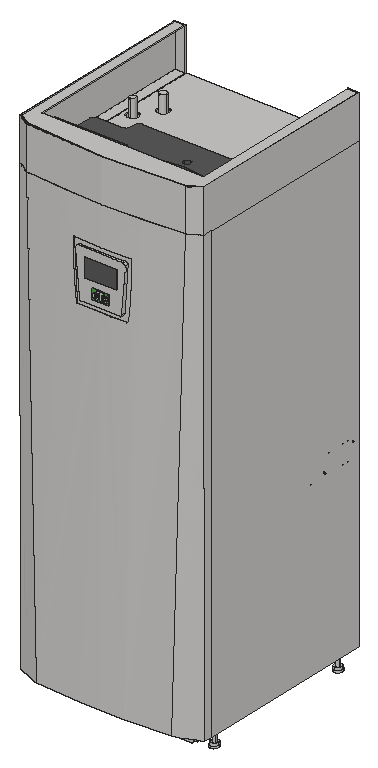
Revit family "HVAC_Heaters_Enertech_CTC-EcoZenith-i255L", category Specialty Equipment, Revit 2017
Family settings
  Round Connector Dimension = Use Diameter
  Part Type = Normal
  OmniClass Number = 23.75.00.00
  OmniClass Title = Climate Control (HVAC)
  Work Plane-Based = No
  Always vertical = Yes
  Cut with Voids When Loaded = No
  Shared = No
  Room Calculation Point = No
Parameters (values of type "CTC EcoZenith i255 L - 400V3N")
  Weight = "168 kg"
  WaterVolumeWaterSuply = "5.7 liters"
  WaterVolumeHeathingSystem = "223 liters"
  WarrantyStartDate [instance] = "n/a"
  WarrantyGuarantorParts = "n/a"
  WarrantyGuarantorLabor = "n/a"
  WarrantyDurationUnit = "Year"
  WarrantyDurationParts = "n/a"
  WarrantyDurationLabor = "n/a"
  WarrantyDescription = "n/a"
  VersionDate = "10/11/2020"  # constant formula
  Version = "1"  # constant formula
  UsageCurrent = 0 A
  Uniclass2015Reference = "Pr_40_70_65"
  Uniclass2015Description = "Preparation catering equipment"
  Uniclass2 = "Pr_40_70_65"
  URL = "https://ctc-heating.com/products/indoor-modules"
  UNSPSCCode = "40102003"
  Type Comments = ""
  Touchscreen = "yes"
  TagNumber [instance] = "n/a"
  SustainabilityPerformance = "n/a"
  Status = "n/a"
  SpecifiedOutput = "N/A"
  SoundPowerLWA = "N/A"
  Sound pressureLPA 5m = "N/A"
  Sound pressureLPA 1m = "N/A"
  Sound pressureLPA 10m = "N/A"
  Size = "673x596x1652 mm"
  Shape = "Rectangular"
  SerialNumber [instance] = "7208 xxxx xxxx"
  SEERWarm = "N/A"
  SEERModerate = "N/A"
  SEERCold = "N/A"
  SCOPWarm = "N/A"
  SCOPModerate = "N/A"
  SCOPCold = "N/A"
  Revision = "4"  # constant formula
  ReplacementCost = "n/a"
  RefrigerantType = "N/A"
  RefrigerantQuantity = "N/A"
  ReferenceAirFlowRate = "N/A"
  Reference = "n/a"
  RatedVoltage = 1200 V
  RatedHeatOutputModerate = "15 kW"
  PumpMainMaterial = Stainless Steel
  ProductInformation = "Quiet and efficient indoor module available in two heights with built-in heat pump control and hot water preparation. The CTC EcoZenith i255  has internet connection as standard, so you can easily control your product remotely. It is also prepared for connection to Alexa and Google Home, etc."
  PowerFactor = 0 W
  PhaseReference = "n/a"
  PhaseAngle = 0.00°
  OutputRangeIimmersionHeater = "0.3 - 15/ 18 \n(0.3 - 9.0 + 0.3 - 6.0/ 0.9)"
  OutputRange = "N/A"
  NominalWidth = 596 mm
  NominalVoltage = 400 V
  NominalHeight = 1652 mm
  ModelType = EcoZenithI250-low : EcoZenith_low
  NominalFrequencyRange = 50 Hz
  NominalDepth = 673 mm
  NominalCurrent = 0 A
  Name = "CTC-EcoZenith-i255"  # constant formula
  NBSReference = "90-40-40/320"
  NBSDescription = "Air to water heat pumps"
  ModelReference = "n/a"
  ModelNumber = "589500001"
  MinimumCeilingHeight = "1659 mm"
  MaxStartingCurrent = "N/A"
  MaxOperatingPressureThermalStore = "3 bar"
  MaxOperatingPressureHotWater = "10 bar"
  MaxAirFlowRate = "N/A"
  Material = "Steel/copper"
  ManufacturerURL = "https://ctc.se/"
  ManufacturerName = "Enertech AB"
  Model = "CTC EcoZenith i255 Low"
  ManufacturerCountry = "Sweden"
  Manufacturer = "Enertech AB"
  InsulationStandardClass = "n/a"
  InstallationDate [instance] = "n/a"
  InPutPower = "N/A"
  IfcExportType = "HEATER"  # constant formula
  IfcExportAs = "IfcElectricalDeviceCommon"  # constant formula
  IP_Code = "IP X1"
  HotTapWaterPerformance = "173 liters"
  HasProtectiveEarth = yes
  GroupFuse = "15 kW : 25 A\n18 kW: 32 A"
  Grade = "n/a"
  Finish = "n/a"
  Features = "n/a"
  ExpectedLife = "n/a"
  EnergyClass_HotWater_TapProfile = "B / L"
  EnergyClassHeatingWithoutControl = "n/a"
  EnergyClassHeatingWithControl = "A++ / A++ (with heatpump)"
  ElectricalDeviceNominalPower = 15000 W
  EANNumber = "7333077094416"
  DurationUnit = "Year"
  Description = "Quiet and efficient indoor module available in two heights with built-in heat pump control and hot water preparation. The CTC EcoZenith i255  has internet connection as standard, so you can easily control your product remotely. It is also prepared for connection to Alexa and Google Home, etc."
  Cost = 0
  ConvergoRefNr = "0091-1710-0012-SE"
  Constituents = "n/a"
  ConnectorDistance3 = 5 mm
  ConnectorDistance2 = 139.325 mm
  ConnectorDistance1 = 85.5 mm
  ConductorFunction = "n/a"
  Color = "white"
  CodePerformance = "n/a"
  Capacity = "N/A"
  COP = "N/A"
  CO2Equivalent = "N/A"
  BrineSystem_Min_MaxPressure = "N/A"
  Barcode [instance] = "n/a"
  AssetIdentifier [instance] = "n/a"
  Category = "Indoor Module"
  Brand = "CTC"
  BIMObjectName = "HVAC_Heaters_Enertech_CTC-EcoZenith-i255"  # constant formula
  Author = "Convergo AB"  # constant formula
  AssetType = "Fixed"
  Artikel nr. = ""
  AirFlow = "N/A"
  Accessories = ""
  AccessibilityPerformance = "n/a"
Types (3, lengths in mm): name | Weight | RatedVoltage | RatedHeatOutputModerate | OutputRangeIimmersionHeater | NominalVoltage | ModelNumber | GroupFuse | EnergyClass_HotWater_TapProfile | ElectricalDeviceNominalPower | EANNumber
  CTC EcoZenith i255 L - 400V3N | "168 kg" | 1200 V | "15 kW" | "0.3 - 15/ 18 \n(0.3 - 9.0 + 0.3 - 6.0/ 0.9)" | 400 V | "589500001" | "15 kW : 25 A\n18 kW: 32 A" | "B / L" | 15000 W | "7333077094416"
  CTC EcoZenith i255 L - 230V1N | "167 kg" | 230 V | "9 kW" | "3.0 - 12.0" | 230 V | "589500002" | "12 kW: 63 A" | "B / L" | 12000 W | "7333077094430"
  CTC EcoZenith i255 L - 230V3N | "167 kg" | 690 V | "9 kW" | "2 x  2.4 - 7.0" | 230 V | "589500003" | "14 kW : 50 A" | "B / L " | 7000 W | "733307709447"
Reference planes
  plane 1 "Center (Front/Back)": y = 0
  plane 2: z = 0
  plane 3 "Center (Left/Right)": x = 0
  plane 4: x = -298
  plane 5: x = 298
  plane 6: y = 336.5
  plane 7: y = -336.5
  plane 8: z = 1652
  plane 9: z = 1566.5
  plane 10: z = 1512.675
  plane 11: z = 1507.675
Forms (mm)
  Extrusion 1, solid, material "Stainless Steel" <- "PumpMainMaterial", detail levels coarse
    sketch origin (0, 0, 0) x (1, 0, 0) y (0, 1, 0)
      loop
        line (-298, -336.5) -> (298, -336.5) -> (298, 336.5) -> (-298, 336.5) -> (-298, -336.5)
    from 0 to 1652
  Extrusion 2, solid, material "Stainless Steel" <- "PumpMainMaterial", detail levels medium+fine
    sketch origin (0, 0, 0) x (1, 0, 0) y (0, 1, 0)
      loop
        circle (-230.055, 81.642) r 9.5
      loop
        circle (-183.551, 146.802) r 11.103
      loop
        circle (177.816, -84.382) r 11.103
      loop
        circle (206.376, 305.916) r 11
      loop
        circle (231.376, 275.916) r 11
    from 1507.675 to 1566.5
  Extrusion 3, solid, material "Black", detail levels medium+fine
    sketch origin (-4.779, -14.117, -287.936) x (1, 0, 0) y (0, 0, 1)
      loop
        circle (-241.619, 1886.1) r 11
    from 177.988 to 174.9
  Extrusion 4, solid, material "Black", detail levels medium+fine
    sketch origin (0, 0, 0) x (1, 0, 0) y (0, 1, 0)
      loop
        circle (78.26, -84.106) r 11
      loop
        circle (78.26, -84.106) r 10.5
    from 1507.675 to 1512.675
  Extrusion 5, solid, material "Stainless Steel" <- "PumpMainMaterial", detail levels medium+fine
    sketch origin (0, 0, 0) x (1, 0, 0) y (0, 1, 0)
      loop
        circle (1.087, 40.827) r 9.5
      loop
        circle (-230.439, -4.024) r 11
      loop
        circle (-175.439, -4.024) r 11
      loop
        circle (1.087, 40.827) r 10
      loop
        circle (-175.439, -4.024) r 11.5
      loop
        circle (-230.439, -4.024) r 11.5
    from 1507.675 to 1512.675
Dimensions and locks
  equal spacing: plane 4, plane 3 "Center (Left/Right)", plane 5
  "NominalWidth": plane 4 to plane 5
  equal spacing: plane 6, plane 1 "Center (Front/Back)", plane 7
  "NominalDepth": plane 6 to plane 7
  "NominalHeight": plane 8 to level
  "ConnectorDistance1": plane 9 to plane 8
  "ConnectorDistance2": plane 8 to plane 10
  "ConnectorDistance3": plane 10 to plane 11
  aligned and locked: level to plane 2
  aligned and locked: Extrusion 1 to plane 8
  aligned and locked: plane 9 to Extrusion 2
  aligned and locked: plane 10 to Extrusion 4
  aligned and locked: plane 10 to Extrusion 5
  aligned and locked: Extrusion 2 to plane 11
  aligned and locked: Extrusion 2 to Extrusion 4
  aligned and locked: Extrusion 2 to Extrusion 5
Automatic sketch dimensions
  Extrusion 1 sketch curve to plane 4 = 0 mm
  Extrusion 1 sketch curve to plane 5 = 0 mm
  Extrusion 1 sketch curve to plane 7 = 0 mm
  plane 6 to Extrusion 1 sketch curve = 0 mm
  plane 4 to Extrusion 2 sketch curve = 67.945 mm
  Extrusion 2 sketch curve to Extrusion 2 sketch curve = 46.504 mm
  Extrusion 2 sketch curve to plane 5 = 120.184 mm
  Extrusion 2 sketch curve to plane 1 "Center (Front/Back)" = 81.642 mm
  Extrusion 2 sketch curve to Extrusion 2 sketch curve = 65.16 mm
  plane 1 "Center (Front/Back)" to Extrusion 2 sketch curve = 84.382 mm
  Extrusion 2 sketch curve to Extrusion 2 sketch curve = 11.103 mm  (x2)
  Extrusion 2 sketch curve to Extrusion 2 sketch curve = 9.5 mm
  Extrusion 2 sketch curve to plane 6 = 30.584 mm
  Extrusion 2 sketch curve to plane 5 = 91.624 mm
  Extrusion 2 sketch curve to Extrusion 2 sketch curve = 11 mm  (x2)
  Extrusion 2 sketch curve to Extrusion 2 sketch curve = 0 mm  (x2)
  Extrusion 2 sketch curve to Extrusion 2 sketch curve = 14 mm
  Extrusion 2 sketch curve to Extrusion 2 sketch curve = 30 mm
  plane 4 to Extrusion 3 sketch curve = 51.601 mm
  plane 8 to Extrusion 3 sketch curve = 53.836 mm
  Extrusion 4 sketch curve to Extrusion 4 sketch curve = 0 mm  (x2)
  plane 3 "Center (Left/Right)" to Extrusion 4 sketch curve = 78.26 mm
  plane 1 "Center (Front/Back)" to Extrusion 4 sketch curve = 84.106 mm
  Extrusion 4 sketch curve to Extrusion 4 sketch curve = 10.5 mm
  Extrusion 4 sketch curve to Extrusion 4 sketch curve = 0.5 mm
  Extrusion 5 sketch curve to plane 3 "Center (Left/Right)" = 8.413 mm
  Extrusion 5 sketch curve to Extrusion 5 sketch curve = 0.5 mm  (x3)
  Extrusion 5 sketch curve to Extrusion 5 sketch curve = 0 mm  (x6)
  plane 3 "Center (Left/Right)" to Extrusion 5 sketch curve = 1.087 mm
  Extrusion 5 sketch curve to plane 1 "Center (Front/Back)" = 40.827 mm
  plane 1 "Center (Front/Back)" to Extrusion 5 sketch curve = 4.024 mm  (x2)
  plane 4 to Extrusion 5 sketch curve = 122.561 mm
  Extrusion 5 sketch curve to Extrusion 5 sketch curve = 55 mm
  Extrusion 5 sketch curve to Extrusion 5 sketch curve = 11.5 mm
  Extrusion 5 sketch curve to Extrusion 5 sketch curve = 11 mm
  radius of Extrusion 3 sketch curve = 11 mm
Nested families
  nested 1: "EcoZenithI250-low" at (0, 4, 0), type <- "ModelType", type "EcoZenith_low"
Connectors
  piping at (-230.055, 81.642, 1566.5), diameter 19
    settings: on Extrusion 2, index 1, connector inside diameter 609.6 mm, connector length 0 mm, flow factor 0, pipe flow 0.0 L/s, pressure drop 0.0 Pa, fitting loss kfactor 0, connector angle 0.00°, fixture units 0, engagement length 0 mm, angle of deflection 0.00°, flow configuration 0, flow direction 2, fitting loss method 0, system type 16, joint type 0, gender type 0, connector reference index -1, connector utility 0, adjustable connector no, is connector primary yes, connector description ""
  piping at (-183.551, 146.802, 1566.5), diameter 22
    settings: on Extrusion 2, index 2, connector inside diameter 609.6 mm, connector length 0 mm, flow factor 0, pipe flow 0.0 L/s, pressure drop 0.0 Pa, fitting loss kfactor 0, connector angle 0.00°, fixture units 0, engagement length 0 mm, angle of deflection 0.00°, flow configuration 0, flow direction 0, fitting loss method 0, system type 22, joint type 0, gender type 0, connector reference index -1, connector utility 0, adjustable connector no, is connector primary no, connector description ""
  piping at (177.816, -84.382, 1566.5), diameter 22
    settings: on Extrusion 2, index 3, connector inside diameter 609.6 mm, connector length 0 mm, flow factor 0, pipe flow 0.0 L/s, pressure drop 0.0 Pa, fitting loss kfactor 0, connector angle 0.00°, fixture units 0, engagement length 0 mm, angle of deflection 0.00°, flow configuration 0, flow direction 2, fitting loss method 0, system type 22, joint type 0, gender type 0, connector reference index -1, connector utility 0, adjustable connector no, is connector primary no, connector description ""
  piping at (206.376, 305.916, 1566.5), diameter 22
    settings: on Extrusion 2, index 8, connector inside diameter 609.6 mm, connector length 0 mm, flow factor 0, pipe flow 0.0 L/s, pressure drop 0.0 Pa, fitting loss kfactor 0, connector angle 0.00°, fixture units 0, engagement length 0 mm, angle of deflection 0.00°, flow configuration 0, flow direction 1, fitting loss method 0, system type 20, joint type 0, gender type 0, connector reference index -1, connector utility 0, adjustable connector no, is connector primary no, connector description ""
  piping at (231.376, 275.916, 1566.5), diameter 22
    settings: on Extrusion 2, index 9, connector inside diameter 609.6 mm, connector length 0 mm, flow factor 0, pipe flow 0.0 L/s, pressure drop 0.0 Pa, fitting loss kfactor 0, connector angle 0.00°, fixture units 0, engagement length 0 mm, angle of deflection 0.00°, flow configuration 0, flow direction 2, fitting loss method 0, system type 19, joint type 0, gender type 0, connector reference index -1, connector utility 0, adjustable connector no, is connector primary no, connector description ""
  electrical at (-246.399, -189.017, 1598.164)
    settings: on Extrusion 3, index 10, voltage 0 V, apparent load 0 VA, apparent load phase1 0 VA, apparent load phase2 0 VA, apparent load phase3 0 VA, power factor 1, load classification "Other", number of poles 3, system type 31, power factor state 1, is connector primary yes, connector utility no, sub classification motor no, connector description ""
  piping at (-230.439, -4.024, 1512.675), diameter 22
    settings: on Extrusion 5, index 11, connector inside diameter 609.6 mm, connector length 0 mm, flow factor 0, pipe flow 0.0 L/s, pressure drop 0.0 Pa, fitting loss kfactor 0, connector angle 0.00°, fixture units 0, engagement length 0 mm, angle of deflection 0.00°, flow configuration 0, flow direction 2, fitting loss method 0, system type 19, joint type 0, gender type 0, connector reference index -1, connector utility 0, adjustable connector no, is connector primary no, connector description ""
  piping at (-175.439, -4.024, 1512.675), diameter 22
    settings: on Extrusion 5, index 12, connector inside diameter 609.6 mm, connector length 0 mm, flow factor 0, pipe flow 0.0 L/s, pressure drop 0.0 Pa, fitting loss kfactor 0, connector angle 0.00°, fixture units 0, engagement length 0 mm, angle of deflection 0.00°, flow configuration 0, flow direction 1, fitting loss method 0, system type 20, joint type 0, gender type 0, connector reference index -1, connector utility 0, adjustable connector no, is connector primary no, connector description ""
  piping at (1.087, 40.827, 1512.675), diameter 19
    settings: on Extrusion 5, index 13, connector inside diameter 609.6 mm, connector length 0 mm, flow factor 0, pipe flow 0.0 L/s, pressure drop 0.0 Pa, fitting loss kfactor 0, connector angle 0.00°, fixture units 0, engagement length 0 mm, angle of deflection 0.00°, flow configuration 0, flow direction 0, fitting loss method 0, system type 22, joint type 0, gender type 0, connector reference index -1, connector utility 0, adjustable connector no, is connector primary no, connector description ""
  piping at (78.26, -84.106, 1512.675), diameter 22
    settings: on Extrusion 4, index 14, connector inside diameter 609.6 mm, connector length 0 mm, flow factor 0, pipe flow 0.0 L/s, pressure drop 0.0 Pa, fitting loss kfactor 0, connector angle 0.00°, fixture units 0, engagement length 0 mm, angle of deflection 0.00°, flow configuration 0, flow direction 0, fitting loss method 0, system type 22, joint type 0, gender type 0, connector reference index -1, connector utility 0, adjustable connector no, is connector primary no, connector description ""
Definition of nested family "EcoZenithI250-low"
  Parameters (values of type "EcoZenith_low")
    URL = ""
    Type Comments = ""
    PumpMainMaterial = none
    Model = ""
    Manufacturer = ""
    EANNumber = ""
    Description = ""
    Cost = 0
    Artikel nr. = ""
    Accessories = ""
  Reference planes
    plane 1 "Center (Front/Back)": y = 0
    plane 2: z = 0
    plane 3 "Center (Left/Right)": x = 0
  Forms (mm)
    Extrusion 1, solid, material <- "PumpMainMaterial", detail levels medium+fine
      sketch origin (0, 0, 0) x (1, 0, 0) y (0, 1, 0)
        loop
          line (-263, -250.514) -> (263, -250.514) -> (263, 332) -> (-263, 332) -> (-263, -250.514)
        loop
          line (261, 330) -> (-261, 330) -> (-261, -248.514) -> (261, -248.514) -> (261, 330)
      from 1514.675 to 47.518
    Extrusion 2, solid, material <- "PumpMainMaterial", detail levels medium+fine
      sketch origin (0, 0, 0) x (1, 0, 0) y (0, 1, 0)
        loop
          line (-263, 332) -> (-263, -250.514) -> (263, -250.514) -> (263, 332) -> (-263, 332)
        loop
          circle (1.087, 36.827) r 10
        loop
          circle (-229.555, 77.29) r 19
        loop
          circle (-183.051, 142.802) r 19
        loop
          circle (-229.939, -8.024) r 11.5
        loop
          circle (-174.939, -8.024) r 11.5
        loop
          circle (205.876, 301.416) r 11
        loop
          circle (230.876, 271.416) r 11
      from 1514.675 to 1513
    Extrusion 3, solid, material <- "PumpMainMaterial", detail levels medium+fine
      sketch origin (0, 0, 0) x (1, 0, 0) y (0, 1, 0)
        loop
          line (-298, -267.3) -> (-263, -267.3) -> (-263, 332) -> (-298, 332) -> (-298, -267.3)
        loop
          line (-265, 330) -> (-296, 330) -> (-296, -265.3) -> (-265, -265.3) -> (-265, 330)
        loop
          line (298, -267.3) -> (298, 332) -> (263, 332) -> (263, -267.3) -> (298, -267.3)
        loop
          line (265, 330) -> (265, -265.3) -> (296, -265.3) -> (296, 330) -> (265, 330)
      from 47.518 to 1513
    Extrusion 4, solid, material <- "PumpMainMaterial", detail levels medium+fine
      sketch origin (0, 0, 0) x (1, 0, 0) y (0, 1, 0)
        loop
          line (-298, -267.3) -> (-263, -267.3) -> (-263, 332) -> (-298, 332) -> (-298, -267.3)
        loop
          line (298, -267.3) -> (298, 332) -> (263, 332) -> (263, -267.3) -> (298, -267.3)
      from 1513 to 1514.675
    Extrusion 5, void
      sketch origin (0, 0, 0) x (1, 0, 0) y (0, 0, 1)
        loop
          line (263, 404) -> (-263, 404) -> (-263, 47.518) -> (263, 47.518) -> (263, 404)
      from -315.542 to -367.702
    Blend 6, solid, material <- "PumpMainMaterial", detail levels medium+fine
      base sketch origin (0, 0, 0) x (1, 0, 0) y (0, 1, 0)
        loop
          line (0, -250.514) -> (-263, -250.514) -> (-263, -267.3) -> (-298, -267.3) -> (-298, -291.418) -> (-218.584, -323.902)
          arc (-218.584, -323.902) -> (0, -333.258) -> (218.584, -323.902) r 2558.149
          line (218.584, -323.902) -> (298, -291.418) -> (298, -267.3) -> (263, -267.3) -> (263, -250.514) -> (0, -250.514)
      top sketch origin (0, 0, 0) x (1, 0, 0) y (0, 1, 0)
        loop
          line (-263, -250.514) -> (-263, -267.3) -> (-298, -267.3) -> (-298, -293.919) -> (-257.919, -316.318)
          arc (-257.919, -316.318) -> (0, -333.258) -> (257.919, -316.318) r 1971.933
          line (257.919, -316.318) -> (298, -293.919) -> (298, -267.3) -> (263, -267.3) -> (263, -250.514) -> (0, -250.514) -> (-263, -250.514)
      from 47.518 to 1514.675
    Extrusion 7, void
      sketch origin (0, 0, -247) x (1, 0, 0) y (0, 0, 1)
        loop
          line (93, 1638.587) -> (-93, 1638.587)
          arc (-93, 1638.587) -> (-91.512, 1543.484) -> (-83.299, 1448.723) r 1343.594
          line (-83.299, 1448.723) -> (83.299, 1448.723)
          arc (83.299, 1448.723) -> (91.512, 1543.484) -> (93, 1638.587) r 1343.594
      from 344.861 to 330.394
    Extrusion 8, solid, material <- "PumpMainMaterial", detail levels medium+fine
      sketch origin (0, 0, -247) x (1, 0, 0) y (0, 0, 1)
        loop
          arc (-71.512, 1623.318) -> (-77.15, 1620.993) -> (-79.512, 1615.37) r 8
          arc (-79.512, 1615.37) -> (-77.259, 1542.94) -> (-69.564, 1470.884) r 962.676
          arc (-69.564, 1470.884) -> (-66.882, 1465.983) -> (-61.647, 1464.032) r 8
          line (-61.647, 1464.032) -> (61.647, 1464.032)
          arc (61.647, 1464.032) -> (66.882, 1465.983) -> (69.564, 1470.884) r 8
          arc (69.564, 1470.884) -> (77.259, 1542.94) -> (79.512, 1615.37) r 962.676
          arc (79.512, 1615.37) -> (77.15, 1620.993) -> (71.512, 1623.318) r 8
          line (71.512, 1623.318) -> (-71.512, 1623.318)
      from 339 to 330.394
    Extrusion 9, solid, detail levels medium+fine
      sketch origin (0, 0, -418.843) x (1, 0, 0) y (0, 0, 1)
        loop
          arc (-25.5, 1686.518) -> (-26.914, 1685.932) -> (-27.5, 1684.518) r 2
          line (-27.5, 1684.518) -> (-27.5, 1655.518)
          arc (-27.5, 1655.518) -> (-26.914, 1654.103) -> (-25.5, 1653.518) r 2
          line (-25.5, 1653.518) -> (25.5, 1653.518)
          arc (25.5, 1653.518) -> (26.914, 1654.103) -> (27.5, 1655.518) r 2
          line (27.5, 1655.518) -> (27.5, 1684.518)
          arc (27.5, 1684.518) -> (26.914, 1685.932) -> (25.5, 1686.518) r 2
          line (25.5, 1686.518) -> (-25.5, 1686.518)
      from 339.5 to 339
    Extrusion 10, solid, material <- "PumpMainMaterial", detail levels medium+fine
      sketch origin (0, 0, -451.843) x (1, 0, 0) y (0, 0, 1)
        loop
          line (3.815, 1710.351) -> (11.698, 1710.357) -> (11.698, 1715.677) -> (-11.698, 1715.677) -> (-11.698, 1710.336) -> (-3.818, 1710.344) -> (-3.81, 1690.398) -> (3.815, 1690.398) -> (3.815, 1710.351)
        loop
          spline (24.54, 1702.497) -> (22.341, 1706.572) -> (18.495, 1709.152) -> (13.888, 1709.644) -> (9.584, 1707.934) -> (6.572, 1704.417) -> (5.548, 1699.902) -> (6.747, 1695.43) -> (9.893, 1692.032) -> (14.261, 1690.49) -> (18.844, 1691.161) -> (22.587, 1693.888) -> (24.627, 1698.045)
          line (24.627, 1698.045) -> (18.433, 1698.045)
          spline (18.433, 1698.045) -> (17.635, 1695.915) -> (16.341, 1694.569) -> (14.815, 1694.279) -> (13.364, 1695.105) -> (12.285, 1696.88) -> (11.795, 1699.242) -> (11.994, 1701.714) -> (12.842, 1703.793) -> (14.166, 1705.058) -> (15.698, 1705.253) -> (17.128, 1704.337) -> (18.165, 1702.497)
          line (18.165, 1702.497) -> (24.54, 1702.497)
        loop
          spline (-5.46, 1702.497) -> (-7.659, 1706.572) -> (-11.505, 1709.152) -> (-16.112, 1709.644) -> (-20.416, 1707.934) -> (-23.428, 1704.417) -> (-24.452, 1699.902) -> (-23.253, 1695.43) -> (-20.107, 1692.032) -> (-15.739, 1690.49) -> (-11.156, 1691.161) -> (-7.413, 1693.888) -> (-5.373, 1698.045)
          line (-5.373, 1698.045) -> (-11.567, 1698.045)
          spline (-11.567, 1698.045) -> (-12.365, 1695.915) -> (-13.659, 1694.569) -> (-15.185, 1694.279) -> (-16.636, 1695.105) -> (-17.715, 1696.88) -> (-18.205, 1699.242) -> (-18.006, 1701.714) -> (-17.158, 1703.793) -> (-15.834, 1705.058) -> (-14.302, 1705.253) -> (-12.872, 1704.337) -> (-11.835, 1702.497)
          line (-11.835, 1702.497) -> (-5.46, 1702.497)
      from 339.5 to 340
    Extrusion 11, solid, detail levels medium+fine
      sketch origin (0, 0, -247) x (1, 0, 0) y (0, 0, 1)
        loop
          line (-50.67, 1596.158) -> (-50.67, 1536.092) -> (50.67, 1536.092) -> (50.67, 1596.158) -> (-50.67, 1596.158)
      from 339 to 339.5
    Extrusion 12, solid, material <- "PumpMainMaterial", detail levels medium+fine
      sketch origin (0, 0, -258) x (1, 0, 0) y (0, 1, 0)
        loop
          line (296, 330) -> (263, 330) -> (263, -250.514) -> (-263, -250.514) -> (-263, 330) -> (-296, 330) -> (-296, -292.746) -> (-257.278, -314.385)
          arc (-257.278, -314.385) -> (0, -331.258) -> (257.278, -314.385) r 1969.933
          line (257.278, -314.385) -> (296, -292.746) -> (296, 330)
      from 1910.1 to 1912
    Extrusion 13, solid, material <- "PumpMainMaterial", detail levels medium+fine
      sketch origin (0, 0, 0) x (1, 0, 0) y (0, 1, 0)
        loop
          arc (-257.919, -316.318) -> (0, -333.258) -> (257.919, -316.318) r 1971.933
          line (257.919, -316.318) -> (298, -293.919) -> (298, 332) -> (263, 332) -> (263, 330) -> (296, 330) -> (296, -292.746) -> (257.278, -314.385)
          arc (257.278, -314.385) -> (0, -331.258) -> (-257.278, -314.385) r 1969.933
          line (-257.278, -314.385) -> (-296, -292.746) -> (-296, 330) -> (-263, 330) -> (-263, 332) -> (-298, 332) -> (-298, -293.919) -> (-257.919, -316.318)
      from 1514.675 to 1654
    Extrusion 14, solid, detail levels medium+fine
      sketch origin (0, 0, -245.325) x (1, 0, 0) y (0, 1, 0)
        loop
          line (-161.57, -48.655) -> (-242.07, -48.655)
          arc (-242.07, -48.655) -> (-252.677, -53.048) -> (-257.07, -63.655) r 15
          line (-257.07, -63.655) -> (-257.07, -121.655)
          arc (-257.07, -121.655) -> (-252.677, -132.262) -> (-242.07, -136.655) r 15
          line (-242.07, -136.655) -> (5.84, -136.655)
          arc (5.84, -136.655) -> (19.982, -130.797) -> (25.84, -116.655) r 20
          line (25.84, -116.655) -> (158.04, -116.655)
          arc (158.04, -116.655) -> (163.898, -130.797) -> (178.04, -136.655) r 20
          line (178.04, -136.655) -> (243.19, -136.655)
          arc (243.19, -136.655) -> (253.797, -132.262) -> (258.19, -121.655) r 15
          line (258.19, -121.655) -> (258.19, -18.655)
          arc (258.19, -18.655) -> (253.797, -8.048) -> (243.19, -3.655) r 15
          line (243.19, -3.655) -> (-131.57, -3.655)
          arc (-131.57, -3.655) -> (-142.177, -8.048) -> (-146.57, -18.655) r 15
          line (-146.57, -18.655) -> (-146.57, -33.655)
          arc (-146.57, -33.655) -> (-150.963, -44.262) -> (-161.57, -48.655) r 15
        loop
          circle (177.316, -88.382) r 15
        loop
          circle (78.26, -88.106) r 11.5
      from 1760 to 1802.88
    Extrusion 15, void
      sketch origin (0, 0, -245.325) x (1, 0, 0) y (0, 0, 1)
        loop
          arc (-93.071, 1760) -> (-116.071, 1788.603) -> (-139.07, 1760) r 23.548
          line (-139.07, 1760) -> (-93.071, 1760)
      from 0 to 84.904
    Extrusion 16, void
      sketch origin (0, 0, 0) x (1, 0, 0) y (0, 1, 0)
        loop
          line (-296, -267.3) -> (-296, -292.746) -> (-257.278, -314.385)
          arc (-257.278, -314.385) -> (0, -331.258) -> (257.278, -314.385) r 1969.933
          line (257.278, -314.385) -> (296, -292.746) -> (296, -267.3) -> (263, -267.3) -> (263, -250.514) -> (-263, -250.514) -> (-263, -267.3) -> (-296, -267.3)
      from 1424.504 to 1754.937
    Revolve 17, solid, material <- "PumpMainMaterial", detail levels medium+fine
      sketch origin (0, 271.895, 0) x (1, 0, 0) y (0, 0, 1)
        loop
          line (-279.5, 12) -> (-279.5, 0) -> (-265.125, 0) -> (-265.125, 4) -> (-267.125, 4) -> (-267.125, 12) -> (-279.5, 12)
        axis (-279.5, 12) -> (-279.5, 0)
      angle from 0 to 360
    Revolve 18, solid, material <- "PumpMainMaterial", detail levels medium+fine
      sketch origin (0, 271.895, 0) x (-1, 0, 0) y (0, 0, 1)
        loop
          line (-279.5, 12) -> (-279.5, 0) -> (-265.125, 0) -> (-265.125, 4) -> (-267.125, 4) -> (-267.125, 12) -> (-279.5, 12)
        axis (-279.5, 12) -> (-279.5, 0)
      angle from 0 to 360
    Revolve 19, solid, material <- "PumpMainMaterial", detail levels medium+fine
      sketch origin (0, -228.139, 0) x (1, 0, 0) y (0, 0, 1)
        loop
          line (-279.5, 12) -> (-279.5, 0) -> (-265.125, 0) -> (-265.125, 4) -> (-267.125, 4) -> (-267.125, 12) -> (-279.5, 12)
        axis (-279.5, 12) -> (-279.5, 0)
      angle from 0 to 360
    Revolve 20, solid, material <- "PumpMainMaterial", detail levels medium+fine
      sketch origin (0, -228.139, 0) x (-1, 0, 0) y (0, 0, 1)
        loop
          line (-279.5, 12) -> (-279.5, 0) -> (-265.125, 0) -> (-265.125, 4) -> (-267.125, 4) -> (-267.125, 12) -> (-279.5, 12)
        axis (-279.5, 12) -> (-279.5, 0)
      angle from 0 to 360
    Extrusion 21, solid, material <- "PumpMainMaterial", detail levels medium+fine
      sketch origin (0, -36, 0) x (1, 0, 0) y (0, 1, 0)
        loop
          circle (-279.5, 307.895) r 5
        loop
          circle (-279.5, -192.139) r 5
        loop
          circle (279.5, 307.895) r 5
        loop
          circle (279.5, -192.139) r 5
      from 47.518 to 12
    Extrusion 22, solid, material <- "PumpMainMaterial", detail levels medium+fine
      sketch origin (0, 4, 10.9) x (1, 0, 0) y (0, 0, 1)
        loop
          line (-256.94, 9) -> (-244.44, 9) -> (-244.44, 5) -> (-239.44, 0) -> (-199.44, 0) -> (-194.44, 5) -> (-194.44, 9) -> (-181.94, 9) -> (-181.94, 36.618) -> (-256.94, 36.618) -> (-256.94, 9)
      from 270.5 to 272.514
    Extrusion 23, solid, material <- "PumpMainMaterial", detail levels medium+fine
      sketch origin (0, 4, 10.9) x (-1, 0, 0) y (0, 0, -1)
        loop
          line (-256.94, -9) -> (-256.94, -36.618) -> (-181.94, -36.618) -> (-181.94, -9) -> (-194.44, -9) -> (-194.44, -5) -> (-199.44, 0) -> (-239.44, 0) -> (-244.44, -5) -> (-244.44, -9) -> (-256.94, -9)
      from 270.5 to 272.514
    Extrusion 24, solid, material <- "PumpMainMaterial", detail levels medium+fine
      sketch origin (0, 280.7, 0) x (1, 0, 0) y (0, 0, 1)
        loop
          line (-263, 195) -> (263, 195) -> (263, 296) -> (-263, 296) -> (-263, 195)
      from 0 to 2
    Extrusion 25, solid, detail levels medium+fine
      sketch origin (0, 0, -245.325) x (1, 0, 0) y (0, 1, 0)
        loop
          arc (44.594, -122.863) -> (42.624, -149.627) -> (44.594, -176.391) r 182.82
          arc (44.594, -176.391) -> (92.094, -181.191) -> (139.594, -176.391) r 237.45
          arc (139.594, -176.391) -> (141.563, -149.627) -> (139.594, -122.863) r 182.82
          arc (139.594, -122.863) -> (92.094, -118.064) -> (44.594, -122.863) r 237.45
      from 1760 to 1808.77
    Extrusion 26, void
      sketch origin (0, -8, 0) x (0, 1, 0) y (0, 0, 1)
        loop
          arc (172.983, 634) -> (164.05, 655.567) -> (142.483, 664.5) r 30.5
          line (142.483, 664.5) -> (107.5, 664.5) -> (107.5, 662.5) -> (142.483, 662.5)
          arc (142.483, 662.5) -> (162.636, 654.153) -> (170.983, 634) r 28.5
          line (170.983, 634) -> (172.983, 634)
        loop
          line (40.017, 634) -> (42.017, 634)
          arc (42.017, 634) -> (50.364, 654.153) -> (70.517, 662.5) r 28.5
          line (70.517, 662.5) -> (105.5, 662.5) -> (105.5, 664.5) -> (70.517, 664.5)
          arc (70.517, 664.5) -> (48.95, 655.567) -> (40.017, 634) r 30.5
        loop
          line (172.983, 632) -> (170.983, 632)
          arc (170.983, 632) -> (162.636, 611.847) -> (142.483, 603.5) r 28.5
          line (142.483, 603.5) -> (107.5, 603.5) -> (107.5, 601.5) -> (142.483, 601.5)
          arc (142.483, 601.5) -> (164.05, 610.433) -> (172.983, 632) r 30.5
        loop
          arc (40.017, 632) -> (48.95, 610.433) -> (70.517, 601.5) r 30.5
          line (70.517, 601.5) -> (105.5, 601.5) -> (105.5, 603.5) -> (70.517, 603.5)
          arc (70.517, 603.5) -> (50.364, 611.847) -> (42.017, 632) r 28.5
          line (42.017, 632) -> (40.017, 632)
        loop
          arc (323.483, 634) -> (314.55, 655.567) -> (292.983, 664.5) r 30.5
          line (292.983, 664.5) -> (258, 664.5) -> (258, 662.5) -> (292.983, 662.5)
          arc (292.983, 662.5) -> (313.136, 654.153) -> (321.483, 634) r 28.5
          line (321.483, 634) -> (323.483, 634)
        loop
          line (190.517, 634) -> (192.517, 634)
          arc (192.517, 634) -> (200.864, 654.153) -> (221.017, 662.5) r 28.5
          line (221.017, 662.5) -> (256, 662.5) -> (256, 664.5) -> (221.017, 664.5)
          arc (221.017, 664.5) -> (199.45, 655.567) -> (190.517, 634) r 30.5
        loop
          line (323.483, 632) -> (321.483, 632)
          arc (321.483, 632) -> (313.136, 611.847) -> (292.983, 603.5) r 28.5
          line (292.983, 603.5) -> (258, 603.5) -> (258, 601.5) -> (292.983, 601.5)
          arc (292.983, 601.5) -> (314.55, 610.433) -> (323.483, 632) r 30.5
        loop
          arc (190.517, 632) -> (199.45, 610.433) -> (221.017, 601.5) r 30.5
          line (221.017, 601.5) -> (256, 601.5) -> (256, 603.5) -> (221.017, 603.5)
          arc (221.017, 603.5) -> (200.864, 611.847) -> (192.517, 632) r 28.5
          line (192.517, 632) -> (190.517, 632)
      from -385.733 to 391.549
    Extrusion 27, solid, detail levels medium+fine
      sketch origin (-3.959, -5.804, -245) x (1, 0, 0) y (0, 1, 0)
        loop
          line (-25.94, -190.168) -> (-258.94, -190.168) -> (-258.94, -250.514) -> (-25.94, -250.514) -> (-25.94, -190.168)
      from 1760 to 1864.3
  Cuts and joins
    Extrusion 26 cuts Extrusion 3
    joined: Extrusion 3, Extrusion 4
    Extrusion 5, Extrusion 7, Extrusion 15 cuts Extrusion 1
    Extrusion 5, Extrusion 7, Extrusion 15 cuts Extrusion 2
    joined: Extrusion 1, Extrusion 2
    Extrusion 7, Extrusion 15, Extrusion 16 cuts Blend 6
    Extrusion 15 cuts Extrusion 13
    Extrusion 15 cuts Extrusion 14
  Lines and regions (mm)
    symbolic lines, detail levels medium+fine
      curve 1: line (0, 332, 1654) -> (0, 332, 47.518)
      curve 2: line (0, 328, 28) -> (0, 328, 47.518)
      curve 3: line (0, 328, 47.518) -> (0, 332, 47.518)
      curve 4: line (0, 276.895, 12) -> (0, 276.895, 28)
      curve 5: line (0, 276.895, 28) -> (0, 328, 28)
      curve 6: line (0, 276.895, 12) -> (0, 284.27, 12)
      curve 7: line (0, 284.27, 12) -> (0, 284.27, 4)
      curve 8: line (0, 284.27, 4) -> (0, 286.27, 4)
      curve 9: line (0, 286.27, 4) -> (0, 286.27, 0)
      curve 10: line (0, 266.895, 12) -> (0, 259.52, 12)
      curve 11: line (0, 259.52, 12) -> (0, 259.52, 4)
      curve 12: line (0, 259.52, 4) -> (0, 257.52, 4)
      curve 13: line (0, 257.52, 4) -> (0, 257.52, 0)
      curve 14: line (0, 266.895, 28) -> (0, 266.895, 12)
      curve 15: line (0, 266.895, 28) -> (0, -223.105, 28)
      curve 16: line (0, -223.105, 28) -> (0, -223.105, 12)
      curve 17: line (0, -223.105, 12) -> (0, -215.764, 12)
      curve 18: line (0, -215.764, 12) -> (0, -215.764, 4)
      curve 19: line (0, -215.764, 4) -> (0, -213.764, 4)
      curve 20: line (0, -213.764, 4) -> (0, -213.764, 0)
      curve 21: line (0, -240.514, 4) -> (0, -242.514, 4)
      curve 22: line (0, -242.514, 4) -> (0, -242.514, 0)
      curve 23: line (0, -240.514, 4) -> (0, -240.514, 12)
      curve 24: line (0, -240.514, 12) -> (0, -233.139, 12)
      curve 25: line (0, -233.139, 28) -> (0, -233.139, 12)
      curve 26: line (0, -233.139, 28) -> (0, -265.286, 28)
      curve 27: line (0, -267.3, 28) -> (0, -267.3, 47.518)
      curve 28: line (0, -267.3, 47.518) -> (0, -333.258, 47.518)
      curve 29: line (0, -333.258, 47.518) -> (0, -333.258, 1217.032)
      curve 41: line (-256.94, 0, 47.518) -> (-274.5, 0, 47.518)
      curve 42: line (-298, 0, 47.518) -> (-284.5, 0, 47.518)
      curve 84: line (-297.5, 332, 0) -> (-297.5, -294.198, 0)
      curve 85: line (-297.5, -294.198, 0) -> (-257.919, -316.318, 0)
      curve 86: line (257.919, -316.318, 0) -> (297.5, -294.198, 0)
      curve 87: line (297.5, -294.198, 0) -> (297.5, 332, 0)
      curve 88: line (297.5, 332, 0) -> (-297.5, 332, 0)
      curve 94: arc (-257.919, -316.318, 0) -> (0, -340, 0) -> (257.919, -316.318, 0) r 1416.331
      curve 101: line (-298, 0, 1654) -> (10.587, 0, 1654)
      curve 102: line (-298, 0, 47.518) -> (-298, 0, 1654)
      curve 103: line (298, 0, 1654) -> (298, 0, 47.518)
      curve 171: line (10.587, 0, 1654) -> (298, 0, 1654)
      curve 172: line (0, 286.27, 0) -> (0, 257.52, 0)
      curve 173: line (0, -213.764, 0) -> (0, -242.514, 0)
      curve 174: line (0, 332, 1654) -> (0, -333.258, 1654)
      curve 176: line (0, -267.3, 28) -> (0, -267.3, 10.9)
      curve 177: line (0, -265.286, 10.9) -> (0, -265.286, 28)
      curve 178: line (0, -267.3, 10.9) -> (0, -265.286, 10.9)
      curve 205: line (0, -340.008, 1376.318) -> (0, -340.008, 1217.032)
      curve 206: line (0, -340.008, 1376.318) -> (0, -333.258, 1376.318)
      curve 207: line (0, -340.008, 1217.032) -> (0, -333.258, 1217.032)
      curve 208: line (0, -333.258, 1376.318) -> (0, -333.258, 1654)
      curve 213: line (-256.94, 0, 47.518) -> (-256.94, 0, 19.9)
      curve 214: line (-256.94, 0, 19.9) -> (-244.44, 0, 19.9)
      curve 215: line (-244.44, 0, 19.9) -> (-244.44, 0, 15.9)
      curve 216: line (-244.44, 0, 15.9) -> (-239.44, 0, 10.9)
      curve 217: line (-239.44, 0, 10.9) -> (-199.44, 0, 10.9)
      curve 218: line (-199.44, 0, 10.9) -> (-194.44, 0, 15.9)
      curve 219: line (-194.44, 0, 15.9) -> (-194.44, 0, 19.9)
      curve 220: line (-194.44, 0, 19.9) -> (-181.94, 0, 19.9)
      curve 221: line (-181.94, 0, 19.9) -> (-181.94, 0, 47.518)
      curve 222: line (-265.125, 0, 0) -> (-293.875, 0, 0)
      curve 223: line (-267.125, 0, 12) -> (-274.5, 0, 12)
      curve 224: line (-265.125, 0, 4) -> (-267.125, 0, 4)
      curve 225: line (-293.875, 0, 0) -> (-293.875, 0, 4)
      curve 226: line (-291.875, 0, 12) -> (-291.875, 0, 4)
      curve 227: line (-265.125, 0, 4) -> (-265.125, 0, 0)
      curve 228: line (-267.125, 0, 12) -> (-267.125, 0, 4)
      curve 229: line (-274.5, 0, 47.518) -> (-274.5, 0, 12)
      curve 230: line (-284.5, 0, 47.518) -> (-284.5, 0, 12)
      curve 231: line (-284.5, 0, 12) -> (-291.875, 0, 12)
      curve 233: line (-181.94, 0, 47.518) -> (181.94, 0, 47.518)
      curve 234: line (256.94, 0, 47.518) -> (274.5, 0, 47.518)
      curve 235: line (298, 0, 47.518) -> (284.5, 0, 47.518)
      curve 238: line (256.94, 0, 47.518) -> (256.94, 0, 19.9)
      curve 239: line (256.94, 0, 19.9) -> (244.44, 0, 19.9)
      curve 240: line (244.44, 0, 19.9) -> (244.44, 0, 15.9)
      curve 241: line (244.44, 0, 15.9) -> (239.44, 0, 10.9)
      curve 242: line (239.44, 0, 10.9) -> (199.44, 0, 10.9)
      curve 243: line (199.44, 0, 10.9) -> (194.44, 0, 15.9)
      curve 244: line (194.44, 0, 15.9) -> (194.44, 0, 19.9)
      curve 245: line (194.44, 0, 19.9) -> (181.94, 0, 19.9)
      curve 246: line (181.94, 0, 19.9) -> (181.94, 0, 47.518)
      curve 247: line (265.125, 0, 0) -> (293.875, 0, 0)
      curve 248: line (267.125, 0, 12) -> (274.5, 0, 12)
      curve 249: line (265.125, 0, 4) -> (267.125, 0, 4)
      curve 250: line (293.875, 0, 0) -> (293.875, 0, 4)
      curve 251: line (291.875, 0, 12) -> (291.875, 0, 4)
      curve 252: line (265.125, 0, 4) -> (265.125, 0, 0)
      curve 253: line (267.125, 0, 12) -> (267.125, 0, 4)
      curve 254: line (274.5, 0, 47.518) -> (274.5, 0, 12)
      curve 255: line (284.5, 0, 47.518) -> (284.5, 0, 12)
      curve 256: line (284.5, 0, 12) -> (291.875, 0, 12)
      curve 260: line (-291.875, 0, 4) -> (-293.875, 0, 4)
      curve 263: line (291.875, 0, 4) -> (293.875, 0, 4)
    symbolic lines, detail levels fine
      curve 30: line (0, 284.27, 4) -> (0, 259.52, 4)
      curve 31: line (0, 276.895, 12) -> (0, 266.895, 12)
      curve 32: line (0, 328, 47.518) -> (0, -267.3, 47.518)
      curve 33: line (0, -267.3, 47.518) -> (0, 328, 47.518)
      curve 34: line (0, 276.895, 28) -> (0, 276.895, 47.518)
      curve 35: line (0, 266.895, 28) -> (0, 266.895, 47.518)
      curve 36: line (0, -233.139, 28) -> (0, -233.139, 47.518)
      curve 37: line (0, -223.105, 28) -> (0, -223.105, 47.518)
      curve 38: line (0, -267.3, 47.518) -> (0, -267.3, 1654)
      curve 39: line (0, -233.139, 12) -> (0, -223.105, 12)
      curve 40: line (0, -215.764, 4) -> (0, -240.514, 4)
      curve 43: line (-274.5, 0, 47.518) -> (-284.5, 0, 47.518)
      curve 44: line (93, 0, 1391.587) -> (-93, 0, 1391.587)
      curve 45: arc (-93, 0, 1391.587) -> (-91.512, 0, 1296.484) -> (-83.299, 0, 1201.723) r 1343.594
      curve 46: line (-83.299, 0, 1201.723) -> (83.299, 0, 1201.723)
      curve 47: arc (83.299, 0, 1201.723) -> (91.512, 0, 1296.484) -> (93, 0, 1391.587) r 1343.594
      curve 48: arc (69.564, 0, 1223.884) -> (77.259, 0, 1295.94) -> (79.512, 0, 1368.37) r 962.676
      curve 49: line (71.512, 0, 1376.318) -> (-71.512, 0, 1376.318)
      curve 50: arc (79.512, 0, 1368.37) -> (77.15, 0, 1373.993) -> (71.512, 0, 1376.318) r 8
      curve 51: arc (-71.512, 0, 1376.318) -> (-77.15, 0, 1373.993) -> (-79.512, 0, 1368.37) r 8
      curve 52: arc (-79.512, 0, 1368.37) -> (-77.259, 0, 1295.94) -> (-69.564, 0, 1223.884) r 962.676
      curve 53: arc (-69.564, 0, 1223.884) -> (-66.882, 0, 1218.983) -> (-61.647, 0, 1217.032) r 8
      curve 54: line (-61.647, 0, 1217.032) -> (61.647, 0, 1217.032)
      curve 55: arc (61.647, 0, 1217.032) -> (66.882, 0, 1218.983) -> (69.564, 0, 1223.884) r 8
      curve 56: line (-50.67, 0, 1289.092) -> (50.67, 0, 1289.092)
      curve 57: line (50.67, 0, 1289.092) -> (50.67, 0, 1349.158)
      curve 58: line (50.67, 0, 1349.158) -> (-50.67, 0, 1349.158)
      curve 59: line (-50.67, 0, 1349.158) -> (-50.67, 0, 1289.092)
      curve 60: line (25.5, 0, 1267.675) -> (-25.5, 0, 1267.675)
      curve 61: arc (-25.5, 0, 1267.675) -> (-26.914, 0, 1267.089) -> (-27.5, 0, 1265.675) r 2
      curve 62: line (-27.5, 0, 1265.675) -> (-27.5, 0, 1236.675)
      curve 63: arc (-27.5, 0, 1236.675) -> (-26.914, 0, 1235.261) -> (-25.5, 0, 1234.675) r 2
      curve 64: line (-25.5, 0, 1234.675) -> (25.5, 0, 1234.675)
      curve 65: arc (25.5, 0, 1234.675) -> (26.914, 0, 1235.261) -> (27.5, 0, 1236.675) r 2
      curve 66: line (27.5, 0, 1236.675) -> (27.5, 0, 1265.675)
      curve 67: arc (27.5, 0, 1265.675) -> (26.914, 0, 1267.089) -> (25.5, 0, 1267.675) r 2
      curve 68: spline (24.54, 0, 1250.655) -> (22.341, 0, 1254.729) -> (18.495, 0, 1257.309) -> (13.888, 0, 1257.801) -> (9.584, 0, 1256.092) -> (6.572, 0, 1252.574) -> (5.548, 0, 1248.059) -> (6.747, 0, 1243.587) -> (9.893, 0, 1240.189) -> (14.261, 0, 1238.647) -> (18.844, 0, 1239.318) -> (22.587, 0, 1242.046) -> (24.627, 0, 1246.202)
      curve 69: spline (18.433, 0, 1246.202) -> (17.635, 0, 1244.072) -> (16.341, 0, 1242.726) -> (14.815, 0, 1242.436) -> (13.364, 0, 1243.263) -> (12.285, 0, 1245.037) -> (11.795, 0, 1247.399) -> (11.994, 0, 1249.871) -> (12.842, 0, 1251.95) -> (14.166, 0, 1253.215) -> (15.698, 0, 1253.41) -> (17.128, 0, 1252.494) -> (18.165, 0, 1250.655)
      curve 70: line (18.165, 0, 1250.655) -> (24.54, 0, 1250.655)
      curve 71: line (24.627, 0, 1246.202) -> (18.433, 0, 1246.202)
      curve 72: line (11.698, 0, 1263.834) -> (-11.698, 0, 1263.834)
      curve 73: line (3.815, 0, 1258.508) -> (11.698, 0, 1258.514)
      curve 74: line (-11.698, 0, 1258.493) -> (-3.818, 0, 1258.502)
      curve 75: line (-11.698, 0, 1263.834) -> (-11.698, 0, 1258.493)
      curve 76: line (11.698, 0, 1258.514) -> (11.698, 0, 1263.834)
      curve 77: line (-3.818, 0, 1258.502) -> (-3.81, 0, 1238.555)
      curve 78: line (3.815, 0, 1238.555) -> (3.815, 0, 1258.508)
      curve 79: line (-3.81, 0, 1238.555) -> (3.815, 0, 1238.555)
      curve 80: spline (-5.46, 0, 1250.655) -> (-7.659, 0, 1254.729) -> (-11.505, 0, 1257.309) -> (-16.112, 0, 1257.801) -> (-20.416, 0, 1256.092) -> (-23.428, 0, 1252.574) -> (-24.452, 0, 1248.059) -> (-23.253, 0, 1243.587) -> (-20.107, 0, 1240.189) -> (-15.739, 0, 1238.647) -> (-11.156, 0, 1239.318) -> (-7.413, 0, 1242.046) -> (-5.373, 0, 1246.202)
      curve 81: spline (-11.567, 0, 1246.202) -> (-12.365, 0, 1244.072) -> (-13.659, 0, 1242.726) -> (-15.185, 0, 1242.436) -> (-16.636, 0, 1243.263) -> (-17.715, 0, 1245.037) -> (-18.205, 0, 1247.399) -> (-18.006, 0, 1249.871) -> (-17.158, 0, 1251.95) -> (-15.834, 0, 1253.215) -> (-14.302, 0, 1253.41) -> (-12.872, 0, 1252.494) -> (-11.835, 0, 1250.655)
      curve 82: line (-5.373, 0, 1246.202) -> (-11.567, 0, 1246.202)
      curve 83: line (-11.835, 0, 1250.655) -> (-5.46, 0, 1250.655)
      curve 89: line (-263, -267.3, 0) -> (-263, 332, 0)
      curve 90: line (263, 332, 0) -> (263, -267.3, 0)
      curve 91: line (-297.5, -267.3, 0) -> (-263, -267.3, 0)
      curve 92: line (263, -267.3, 0) -> (297.5, -267.3, 0)
      curve 93: line (263, -250.514, 0) -> (-263, -250.514, 0)
      curve 95: arc (-171.948, 142.802, 0) -> (-183.051, 153.905, 0) -> (-194.154, 142.802, 0) r 11.103
      curve 96: arc (-194.154, 142.802, 0) -> (-183.051, 131.699, 0) -> (-171.948, 142.802, 0) r 11.103
      curve 97: arc (-218.939, -8.024, 0) -> (-229.939, 2.976, 0) -> (-240.939, -8.024, 0) r 11
      curve 98: arc (-240.939, -8.024, 0) -> (-229.939, -19.024, 0) -> (-218.939, -8.024, 0) r 11
      curve 99: arc (-163.939, -8.024, 0) -> (-174.939, 2.976, 0) -> (-185.939, -8.024, 0) r 11
      curve 100: arc (-185.939, -8.024, 0) -> (-174.939, -19.024, 0) -> (-163.939, -8.024, 0) r 11
      curve 104: line (-298, 0, 52.5) -> (298, 0, 52.5)
      curve 105: line (298, 0, 1514.675) -> (-298, 0, 1514.675)
      curve 106: line (0, 250, 662.5) -> (0, 284.983, 662.5)
      curve 107: line (0, 284.983, 664.5) -> (0, 250, 664.5)
      curve 108: line (0, 250, 664.5) -> (0, 250, 662.5)
      curve 109: arc (0, 315.483, 634) -> (0, 306.55, 655.567) -> (0, 284.983, 664.5) r 30.5
      curve 110: arc (0, 284.983, 662.5) -> (0, 305.136, 654.153) -> (0, 313.483, 634) r 28.5
      curve 111: line (0, 313.483, 634) -> (0, 315.483, 634)
      curve 112: line (0, 315.483, 632) -> (0, 313.483, 632)
      curve 113: arc (0, 313.483, 632) -> (0, 305.136, 611.847) -> (0, 284.983, 603.5) r 28.5
      curve 114: arc (0, 284.983, 601.5) -> (0, 306.55, 610.433) -> (0, 315.483, 632) r 30.5
      curve 115: line (0, 284.983, 603.5) -> (0, 250, 603.5)
      curve 116: line (0, 250, 601.5) -> (0, 284.983, 601.5)
      curve 117: line (0, 250, 603.5) -> (0, 250, 601.5)
      curve 118: line (0, 248, 662.5) -> (0, 213.017, 662.5)
      curve 119: line (0, 213.017, 664.5) -> (0, 248, 664.5)
      curve 120: line (0, 248, 664.5) -> (0, 248, 662.5)
      curve 121: arc (0, 182.517, 634) -> (0, 191.45, 655.567) -> (0, 213.017, 664.5) r 30.5
      curve 122: arc (0, 213.017, 662.5) -> (0, 192.864, 654.153) -> (0, 184.517, 634) r 28.5
      curve 123: line (0, 184.517, 634) -> (0, 182.517, 634)
      curve 124: line (0, 182.517, 632) -> (0, 184.517, 632)
      curve 125: arc (0, 184.517, 632) -> (0, 192.864, 611.847) -> (0, 213.017, 603.5) r 28.5
      curve 126: arc (0, 213.017, 601.5) -> (0, 191.45, 610.433) -> (0, 182.517, 632) r 30.5
      curve 127: line (0, 213.017, 603.5) -> (0, 248, 603.5)
      curve 128: line (0, 248, 601.5) -> (0, 213.017, 601.5)
      curve 129: line (0, 248, 603.5) -> (0, 248, 601.5)
      curve 130: line (0, 99.5, 662.5) -> (0, 134.483, 662.5)
      curve 131: line (0, 134.483, 664.5) -> (0, 99.5, 664.5)
      curve 132: line (0, 99.5, 664.5) -> (0, 99.5, 662.5)
      curve 133: arc (0, 164.983, 634) -> (0, 156.05, 655.567) -> (0, 134.483, 664.5) r 30.5
      curve 134: arc (0, 134.483, 662.5) -> (0, 154.636, 654.153) -> (0, 162.983, 634) r 28.5
      curve 135: line (0, 162.983, 634) -> (0, 164.983, 634)
      curve 136: line (0, 164.983, 632) -> (0, 162.983, 632)
      curve 137: arc (0, 162.983, 632) -> (0, 154.636, 611.847) -> (0, 134.483, 603.5) r 28.5
      curve 138: arc (0, 134.483, 601.5) -> (0, 156.05, 610.433) -> (0, 164.983, 632) r 30.5
      curve 139: line (0, 134.483, 603.5) -> (0, 99.5, 603.5)
      curve 140: line (0, 99.5, 601.5) -> (0, 134.483, 601.5)
      curve 141: line (0, 99.5, 603.5) -> (0, 99.5, 601.5)
      curve 142: line (0, 97.5, 662.5) -> (0, 62.517, 662.5)
      curve 143: line (0, 62.517, 664.5) -> (0, 97.5, 664.5)
      curve 144: line (0, 97.5, 664.5) -> (0, 97.5, 662.5)
      curve 145: arc (0, 32.017, 634) -> (0, 40.95, 655.567) -> (0, 62.517, 664.5) r 30.5
      curve 146: arc (0, 62.517, 662.5) -> (0, 42.364, 654.153) -> (0, 34.017, 634) r 28.5
      curve 147: line (0, 34.017, 634) -> (0, 32.017, 634)
      curve 148: line (0, 32.017, 632) -> (0, 34.017, 632)
      curve 149: arc (0, 34.017, 632) -> (0, 42.364, 611.847) -> (0, 62.517, 603.5) r 28.5
      curve 150: arc (0, 62.517, 601.5) -> (0, 40.95, 610.433) -> (0, 32.017, 632) r 30.5
      curve 151: line (0, 62.517, 603.5) -> (0, 97.5, 603.5)
      curve 152: line (0, 97.5, 601.5) -> (0, 62.517, 601.5)
      curve 153: line (0, 97.5, 603.5) -> (0, 97.5, 601.5)
      curve 154: line (-161.57, -48.655, 0) -> (-242.07, -48.655, 0)
      curve 155: line (243.19, -3.655, 0) -> (-131.57, -3.655, 0)
      curve 156: line (258.19, -121.655, 0) -> (258.19, -18.655, 0)
      curve 157: line (178.04, -136.655, 0) -> (243.19, -136.655, 0)
      curve 158: line (25.84, -116.655, 0) -> (158.04, -116.655, 0)
      curve 159: line (-242.07, -136.655, 0) -> (5.84, -136.655, 0)
      curve 160: arc (-257.07, -121.655, 0) -> (-252.677, -132.262, 0) -> (-242.07, -136.655, 0) r 15
      curve 161: arc (-242.07, -48.655, 0) -> (-252.677, -53.048, 0) -> (-257.07, -63.655, 0) r 15
      curve 162: arc (-146.57, -33.655, 0) -> (-150.963, -44.262, 0) -> (-161.57, -48.655, 0) r 15
      curve 163: arc (-131.57, -3.655, 0) -> (-142.177, -8.048, 0) -> (-146.57, -18.655, 0) r 15
      curve 164: arc (258.19, -18.655, 0) -> (253.797, -8.048, 0) -> (243.19, -3.655, 0) r 15
      curve 165: arc (243.19, -136.655, 0) -> (253.797, -132.262, 0) -> (258.19, -121.655, 0) r 15
      curve 166: arc (158.04, -116.655, 0) -> (163.898, -130.797, 0) -> (178.04, -136.655, 0) r 20
      curve 167: arc (5.84, -136.655, 0) -> (19.982, -130.797, 0) -> (25.84, -116.655, 0) r 20
      curve 168: line (-257.07, -63.655, 0) -> (-257.07, -121.655, 0)
      curve 169: line (-146.57, -18.655, 0) -> (-146.57, -33.655, 0)
      curve 170: line (-256.94, 0, 47.518) -> (-181.94, 0, 47.518)
      curve 175: line (0, 332, 1514.675) -> (0, -333.258, 1514.675)
      curve 179: line (0, -265.286, 28) -> (0, -267.3, 28)
      curve 180: line (0, -323.902, 47.518) -> (0, -316.318, 1514.675)
      curve 181: line (0, -291.418, 47.518) -> (0, -293.919, 1514.675)
      curve 182: line (0, -267.3, 47.518) -> (0, -267.3, 1654)
      curve 183: line (0, -316.318, 1514.675) -> (0, -316.318, 1654)
      curve 184: line (0, -293.919, 1514.675) -> (0, -293.919, 1654)
      curve 185: line (-218.584, 0, 47.518) -> (-257.919, 0, 1514.675)
      curve 186: line (257.919, 0, 1514.675) -> (218.584, 0, 47.518)
      curve 187: line (-257.919, 0, 1514.675) -> (-257.919, 0, 1654)
      curve 188: line (257.919, 0, 1654) -> (257.919, 0, 1514.675)
      curve 189: arc (-229.555, 66.642, 0) -> (-218.555, 77.642, 0) -> (-229.555, 88.642, 0) r 11
      curve 190: arc (-229.555, 88.642, 0) -> (-240.555, 77.642, 0) -> (-229.555, 66.642, 0) r 11
      curve 191: arc (-8.413, 36.827, 0) -> (1.087, 27.327, 0) -> (10.587, 36.827, 0) r 9.5
      curve 192: arc (10.587, 36.827, 0) -> (1.087, 46.327, 0) -> (-8.413, 36.827, 0) r 9.5
      curve 193: arc (44.594, -122.863, 0) -> (42.624, -149.627, 0) -> (44.594, -176.391, 0) r 182.82
      curve 194: arc (44.594, -176.391, 0) -> (92.094, -181.191, 0) -> (139.594, -176.391, 0) r 237.45
      curve 195: arc (139.594, -176.391, 0) -> (141.563, -149.627, 0) -> (139.594, -122.863, 0) r 182.82
      curve 196: arc (139.594, -122.863, 0) -> (92.094, -118.064, 0) -> (44.594, -122.863, 0) r 237.45
      curve 197: arc (89.26, -88.106, 0) -> (78.26, -77.106, 0) -> (67.26, -88.106, 0) r 11
      curve 198: arc (67.26, -88.106, 0) -> (78.26, -99.106, 0) -> (89.26, -88.106, 0) r 11
      curve 199: arc (192.316, -88.382, 0) -> (177.316, -103.382, 0) -> (162.316, -88.382, 0) r 15
      curve 200: arc (162.316, -88.382, 0) -> (177.316, -73.382, 0) -> (192.316, -88.382, 0) r 15
      curve 201: arc (-202.051, 142.802, 0) -> (-183.051, 161.802, 0) -> (-164.051, 142.802, 0) r 19
      curve 202: arc (-164.051, 142.802, 0) -> (-183.051, 123.802, 0) -> (-202.051, 142.802, 0) r 19
      curve 203: arc (-248.555, 77.29, 0) -> (-229.555, 96.29, 0) -> (-210.555, 77.29, 0) r 19
      curve 204: arc (-210.555, 77.29, 0) -> (-229.555, 58.29, 0) -> (-248.555, 77.29, 0) r 19
      curve 209: arc (194.876, 301.416, 0) -> (205.876, 312.416, 0) -> (216.876, 301.416, 0) r 11
      curve 210: arc (194.876, 301.416, 0) -> (205.876, 290.416, 0) -> (216.876, 301.416, 0) r 11
      curve 211: arc (241.876, 271.416, 0) -> (230.876, 282.416, 0) -> (219.876, 271.416, 0) r 11
      curve 212: arc (219.876, 271.416, 0) -> (230.876, 260.416, 0) -> (241.876, 271.416, 0) r 11
      curve 232: line (-274.5, 0, 12) -> (-284.5, 0, 12)
      curve 236: line (274.5, 0, 47.518) -> (284.5, 0, 47.518)
      curve 237: line (256.94, 0, 47.518) -> (181.94, 0, 47.518)
      curve 257: line (274.5, 0, 12) -> (284.5, 0, 12)
      curve 258: line (-29.899, -195.972, 0) -> (-263, -195.972, 0)
      curve 259: line (-29.899, -250.514, 0) -> (-29.899, -195.972, 0)
      curve 261: line (-267.125, 0, 4) -> (-291.875, 0, 4)
      curve 262: line (267.125, 0, 4) -> (291.875, 0, 4)
      curve 264: line (0, -333.258, 1376.318) -> (0, -333.258, 1217.032)
  Dimensions and locks
    aligned and locked: level to plane 2
